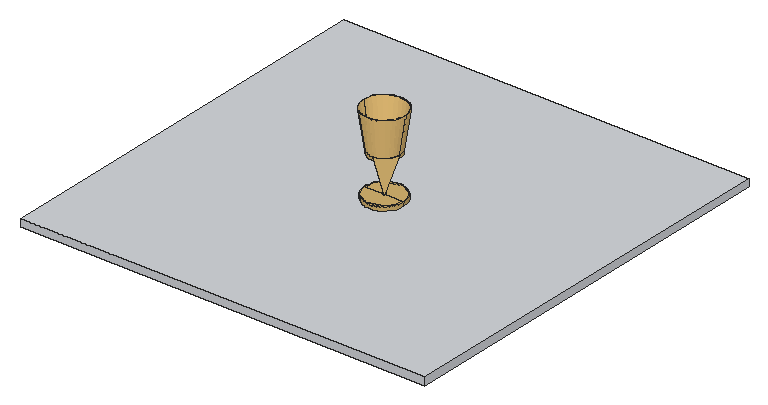
Revit family "P500313-175", category Lighting Fixtures, host Face, Revit 2014
Parameters (values of type "P500313-175")
  Watts = 75 W
  Wattage Comments = "75W"
  Wattage = 75 W
  Warranty = "1 year Warranty"  # constant formula
  built-in parameter 1150110 = 1 (stored number, unit not read)
  Voltage = 120 V
  URL = "https://www.hubbell.com/progresslighting/en"
  built-in parameter 1114217 = 1 (stored number, unit not read)
  Tilt Angle = 60.00°
  built-in parameter 1150109 = 1 (stored number, unit not read)
  built-in parameter 1150134 = 3
  built-in parameter 1150113 = 1 (stored number, unit not read)
  Support = Paint - Hubbell - Light Silver
  Product Link = "https://www.hubbell.com/progresslighting/en/Products/Lighting-Controls/Residential-Indoor-Lighting/Pendants/Pendants-Lights/Terrazzo-Collection-One-Light-Distressed-Brass-and-Sand-Terrazzo-Hanging-Pendant-Light/p/5143946"
  Product Documentation Link = "https://hubbellcdn.com/specsheet/PROG_P500313-175_spec.pdf"
  Power Factor = 1
  Photometric Web File = "generic"
  built-in parameter 1150142 = (empty or 0)
  Model = "P500313-175"  # constant formula
  Manufacturer = "Progress Lighting"  # constant formula
  built-in parameter 1150105 = 596.83 (stored number, unit not read)
  Lumens = 7500 lm
  built-in parameter 1150115 = 1 (stored number, unit not read)
  Load Classification = Lighting
  built-in parameter 1150137 = (empty or 0)
  built-in parameter 1150139 = (empty or 0)
  built-in parameter 1150112 = 1 (stored number, unit not read)
  built-in parameter 1150114 = 1 (stored number, unit not read)
  built-in parameter 1150132 = (empty or 0)
  built-in parameter 1150102 = (empty or 0)
  built-in parameter 1150107 = 3200 (stored number, unit not read)
  built-in parameter 1150138 = (empty or 0)
  built-in parameter 1150106 = 5.9683 (stored number, unit not read)
  Gold = Hubbell - Gold
  Glass = Paint - Hubbell - White Texture
  Lamp = "LED/CFL/incandescent"  # constant formula
  Housing Material = Hubbell Metal Brass
  Fixture distribution = "Direct"  # constant formula
  Features = "Application: Express an artistic sensibility with the Terrazzo Collection 1-Light Distressed Brass/Sandstone Concrete Terrazzo Global Hanging Pendant Light ideal for any foyer, dining room, kitchen, breakfast nook, entryway, living room, or stairway.\r\nStyles: Perfect for global, urban industrial, and transitional style settings.\r\nFinish: A polished sandstone concrete composite shade flecked with warm earthy hues offers a sophisticated contrast to its round distressed brass accent plate and stem suspension.\r\nMaterials: Constructed from steel to ensure a long product lifespan.\r\nGlass/Shades: The light fixture creates beautifully focused task lighting.\r\nBulbs: For ideal illumination, use 1 medium base bulb that is sold separately (75w max - LED/CFL/incandescent). Compatible with dimmable bulbs.\r\nDimensions: Measures 10-inch diameter by 9-3/8-inch height.\r\nCertifications: cULus damp location listed.\r\nPairs With: Pairs with the Hedgerow and Bonn collections from Progress Lighting.\r\nWarranty: Our 1-Year Limited Warranty guarantees your complete satisfaction with your purchase and includes professional after-sales customer service support."  # constant formula
  Fab = Fabric
  built-in parameter 1150104 = 9.2903 (stored number, unit not read)
  Dimming Lamp Color Temperature Shift = <None>
  Description = "Terrazzo Collection One-Light Distressed Brass and Sand Terrazzo Hanging Pendant Light"  # constant formula
  Default Elevation = 48.00"
  Copyright = " ©2020 Progress Lighting, a division of Hubbell Lighting, Inc"  # constant formula
  Contact = "https://www.hubbell.com/progresslighting/en/contactUs"
  Connector Description = "Lighting Connector"  # constant formula
  Color Filter = 16777215
  built-in parameter 1114218 = 1 (stored number, unit not read)
  built-in parameter 1150133 = 10 (stored number, unit not read)
  Assembly Code = "D5020200"
  Apparent Load = Watts / Power Factor  # 75 VA
Reference planes (in)
  plane 1 "Center (Front/Back)": y = 0
  plane 2: z = 0.5561
  plane 3 "Center (Left/Right)": x = 0
  plane 4: y = -4.25
  plane 5: y = 4.25
  plane 6: x = 5
  plane 7: x = -5
  plane 8: z = 10.50759
Forms (in)
  Extrusion 1, solid
    sketch origin (0, 0, 0) x (1, 0, 0) y (0, 1, 0)
      loop
        line (-48, 48) -> (-48, -48) -> (48, -48) -> (48, 48) -> (-48, 48)
    from 0.5561 to -1.25
  Revolve 2, solid, material "Hubbell Metal Brass" <- "Housing Material"
    sketch origin (0.00307, -0.00024, -2.52627) x (-1, 0, 0) y (0, 0, -1)
      loop
        line (0.00307, -13.72495) -> (3.68396, -13.72495) -> (3.68396, -12.96128) -> (0.25716, -12.96128) -> (0.25716, -11.77378) -> (0.10307, -11.77378) -> (0.10307, -4.30283) -> (0.18961, -4.30283) -> (0.18961, -4.071) -> (0.04057, -4.071) -> (0.00307, -4.071) -> (0.00307, -13.72495)
      axis (0, -13.72495) -> (0, -4.071)
    angle from 0 to 360
  Revolve 3, solid, material "Paint - Hubbell - White Texture" <- "Glass"
    sketch origin (0, 10.17596, 10.29436) x (0, 0, 1) y (0, -1, 0)
      loop
        line (1.05661, 10.15704) -> (4.66785, 10.15704)
        arc (4.66785, 10.15704) -> (4.51882, 10.549) -> (4.25829, 10.87758) r 1.37118
        arc (4.25829, 10.87758) -> (3.19047, 11.36963) -> (2.03781, 11.13785) r 1.89679
        arc (2.03781, 11.13785) -> (1.6081, 10.86966) -> (1.20387, 10.5644) r 5.70452
        arc (1.20387, 10.5644) -> (1.09526, 10.42437) -> (1.05661, 10.25143) r 0.40621
        line (1.05661, 10.25143) -> (1.05661, 10.15704)
      axis (1.05661, 10.15704) -> (4.66785, 10.15704)
    angle from 0 to 360
  Revolve 4, solid, material "Paint - Hubbell - White Texture" <- "Glass"
    sketch origin (0.02724, 0.00175, 3.82318) x (-1, 0, 0) y (0, 0, -1)
      loop
        line (0, -7.43773) -> (-0.14062, -7.43773) -> (-0.14062, -7.68773) -> (-0.3174, -7.86451) -> (-0.3174, -8.11451) -> (-0.0674, -8.11451) -> (-0.0674, -10.36451) -> (-0.0674, -10.55091)
        arc (-0.0674, -10.55091) -> (-0.07712, -10.57767) -> (-0.10174, -10.59197) r 0.04171
        arc (-0.10174, -10.59197) -> (-0.13207, -10.62395) -> (-0.11058, -10.66244) r 0.0372
        line (-0.11058, -10.66244) -> (0, -10.66244) -> (0, -10.56087) -> (0, -7.43773)
      axis (0, -7.43773) -> (0, -10.66244)
    angle from 0 to 360
  Revolve 5, solid, material "Hubbell - Gold" <- "Gold"
    sketch origin (0.02724, 0.00175, 3.82318) x (-1, 0, 0) y (0, 0, -1)
      loop
        line (-0.47346, -8.28115) -> (-0.51834, -8.28115) -> (-0.66329, -10.35395) -> (-0.61841, -10.35395) -> (-0.47346, -8.28115)
      axis (-0.61862, -10.35707) -> (-0.47346, -8.28115)
    angle from 0 to 360
  Revolve 6, solid, material "Hubbell - Gold" <- "Gold"
    sketch origin (0.02724, 0.00175, 3.82318) x (1, 0, 0) y (0, 0, 1)
      loop
        line (-0.47346, 8.28115) -> (-0.62235, 10.41041) -> (-0.66723, 10.41041) -> (-0.51834, 8.28115) -> (-0.47346, 8.28115)
      axis (-0.62257, 10.41353) -> (-0.47346, 8.28115)
    angle from 0 to 360
  Revolve 7, solid, material "Hubbell - Gold" <- "Gold"
    sketch origin (0.02724, -1.99825, 3.82318) x (0, 1, 0) y (0, 0, -1)
      loop
        line (1.52654, -8.28115) -> (1.48166, -8.28115) -> (1.33478, -10.38161) -> (1.37966, -10.38161) -> (1.52654, -8.28115)
      axis (1.37944, -10.38473) -> (1.52654, -8.28115)
    angle from 0 to 360
  Revolve 8, solid, material "Hubbell - Gold" <- "Gold"
    sketch origin (0.02724, -1.99825, 3.82318) x (0, -1, 0) y (0, 0, 1)
      loop
        line (-2.47346, 8.28115) -> (-2.62117, 10.39346) -> (-2.66605, 10.39346) -> (-2.51834, 8.28115) -> (-2.47346, 8.28115)
      axis (-2.62139, 10.39659) -> (-2.47346, 8.28115)
    angle from 0 to 360
  Sweep 9, solid, material "Paint - Hubbell - White Texture" <- "Glass"
    path origin (0.01067, 0.00175, 3.32318) x (-1, 0, 0) y (0, 0, -1)
      loop
        line (0.61067, -10.88516) -> (0.61067, -10.98257)
        arc (0.61067, -10.98257) -> (0.57513, -11.06837) -> (0.48933, -11.10391) r 0.12134
        line (0.48933, -11.10391) -> (0.04812, -11.10391)
    profile origin (-0.6, 0.00175, 14.25705) x (-1, 0, 0) y (0, -1, 0)
      loop
        circle (0, 0.00095) r 0.031
  Sweep 10, solid, material "Paint - Hubbell - White Texture" <- "Glass"
    path origin (0.04381, 0.00175, 3.32318) x (1, 0, 0) y (0, 0, 1)
      loop
        line (0.61067, 10.88516) -> (0.61067, 10.98257)
        arc (0.61067, 10.98257) -> (0.57513, 11.06837) -> (0.48933, 11.10391) r 0.12134
        line (0.48933, 11.10391) -> (0.04812, 11.10391)
    profile origin (0.65448, 0.00175, 14.25705) x (-1, 0, 0) y (0, -1, 0)
      loop
        circle (0, 0.00095) r 0.031
  Sweep 11, solid, material "Paint - Hubbell - White Texture" <- "Glass"
    path origin (0.02629, -2.01577, 3.32318) x (0, -1, 0) y (0, 0, -1)
      loop
        line (-1.38933, -10.88516) -> (-1.38933, -10.98257)
        arc (-1.38933, -10.98257) -> (-1.42487, -11.06837) -> (-1.51067, -11.10391) r 0.12134
        line (-1.51067, -11.10391) -> (-1.95188, -11.10391)
    profile origin (0.02629, -0.62644, 14.25705) x (0, -1, 0) y (1, 0, 0)
      loop
        circle (0, 0.00095) r 0.031
  Sweep 12, solid, material "Paint - Hubbell - White Texture" <- "Glass"
    path origin (0.02629, -1.98262, 3.32318) x (0, 1, 0) y (0, 0, 1)
      loop
        line (2.61067, 10.88516) -> (2.61067, 10.98257)
        arc (2.61067, 10.98257) -> (2.57513, 11.06837) -> (2.48933, 11.10391) r 0.12134
        line (2.48933, 11.10391) -> (2.04812, 11.10391)
    profile origin (0.02629, 0.62805, 14.25705) x (0, -1, 0) y (1, 0, 0)
      loop
        circle (0, 0.00095) r 0.031
  Sweep 13, solid, material "Paint - Hubbell - White Texture" <- "Glass"
    path origin (0.01067, 0.00175, 23.05744) x (-1, 0, 0) y (0, 0, -1)
      loop
        line (0.45442, 10.88516) -> (0.45442, 10.98257)
        arc (0.45442, 10.98257) -> (0.41888, 11.06837) -> (0.33308, 11.10391) r 0.12134
        line (0.33308, 11.10391) -> (0.04812, 11.10391)
    profile origin (-0.44375, 0.00175, 12.12357) x (0, -1, 0) y (1, 0, 0)
      loop
        circle (0.00095, 0) r 0.031
  Sweep 14, solid, material "Paint - Hubbell - White Texture" <- "Glass"
    path origin (0.04381, 0.00175, 23.05744) x (1, 0, 0) y (0, 0, 1)
      loop
        line (0.45442, -10.88516) -> (0.45442, -10.98257)
        arc (0.45442, -10.98257) -> (0.41888, -11.06837) -> (0.33308, -11.10391) r 0.12134
        line (0.33308, -11.10391) -> (0.04812, -11.10391)
    profile origin (0.49823, 0.00175, 12.12357) x (0, -1, 0) y (1, 0, 0)
      loop
        circle (0.00095, 0) r 0.031
  Sweep 15, solid, material "Paint - Hubbell - White Texture" <- "Glass"
    path origin (0.02629, -2.01577, 23.05744) x (0, -1, 0) y (0, 0, -1)
      loop
        line (-1.54558, 10.88516) -> (-1.54558, 10.98257)
        arc (-1.54558, 10.98257) -> (-1.58112, 11.06837) -> (-1.66692, 11.10391) r 0.12134
        line (-1.66692, 11.10391) -> (-1.95188, 11.10391)
    profile origin (0.02629, -0.47019, 12.12357) x (1, 0, 0) y (0, 1, 0)
      loop
        circle (0.00095, 0) r 0.031
  Sweep 16, solid, material "Paint - Hubbell - White Texture" <- "Glass"
    path origin (0.02629, -1.98262, 23.05744) x (0, 1, 0) y (0, 0, 1)
      loop
        line (2.45442, -10.88516) -> (2.45442, -10.98257)
        arc (2.45442, -10.98257) -> (2.41888, -11.06837) -> (2.33308, -11.10391) r 0.12134
        line (2.33308, -11.10391) -> (2.04812, -11.10391)
    profile origin (0.02629, 0.4718, 12.12357) x (1, 0, 0) y (0, 1, 0)
      loop
        circle (0.00095, 0) r 0.031
  Revolve 17, solid, material "Hubbell Metal Brass" <- "Housing Material"
    sketch origin (0, 0, 0) x (1, 0, 0) y (0, 0, 1)
      loop
        line (0, 0.5561) -> (4.65135, 0.5561) -> (4.65135, 1.4714)
        arc (4.65135, 1.4714) -> (4.62654, 1.53129) -> (4.56665, 1.5561) r 0.0847
        line (4.56665, 1.5561) -> (0, 1.5561) -> (0, 0.5561)
      axis (0, 1.5561) -> (0, 0.5561)
    angle from 0 to 360
  Revolve 18, solid, material "Fabric" <- "Fab"
    sketch origin (0, 0, 0) x (1, 0, 0) y (0, 0, 1)
      loop
        line (4.94548, 19.88759) -> (3.65474, 11.19868) -> (3.70529, 11.19868) -> (4.99603, 19.88759) -> (4.94548, 19.88759)
      axis (0, 19.88759) -> (0, 11.19868)
    angle from 0 to 360
Dimensions and locks (in)
  equal spacing: plane 4, plane 1 "Center (Front/Back)", plane 5
  plane 4 to plane 5 = 8.50"
  plane 5 to plane 4 = 8.50"
  plane 6 to plane 7 = 10.00"
  equal spacing: plane 6, plane 3 "Center (Left/Right)", plane 7
  aligned and locked: plane 2 to Extrusion 1
Automatic sketch dimensions
  Extrusion 1 sketch curve to Extrusion 1 sketch curve = 96.00"  (x2)
  Revolve 3 sketch curve to plane 1 "Center (Front/Back)" = 0.01893"  (x2)
  plane 2 to Revolve 3 sketch curve = 10.79486"
  plane 1 "Center (Front/Back)" to Revolve 3 sketch curve = 0.07547"
  Revolve 3 sketch curve to Revolve 3 sketch curve = 0.40621"
  Revolve 3 sketch curve to plane 1 "Center (Front/Back)" = 0.69023"
  Revolve 3 sketch curve to Revolve 3 sketch curve = 1.50684"
  Revolve 3 sketch curve to plane 1 "Center (Front/Back)" = 0.30453"
  Revolve 3 sketch curve to Revolve 3 sketch curve = 0.35709"
  Revolve 3 sketch curve to Revolve 3 sketch curve = 1.3411"
  plane 5 to Revolve 3 sketch curve = 0.24323"
  Revolve 3 sketch curve to Revolve 3 sketch curve = 1.87065"
  Revolve 3 sketch curve to Revolve 3 sketch curve = 0.50"
  Revolve 3 sketch curve to Revolve 3 sketch curve = 0.00"  (x2)
  Revolve 3 sketch curve to Revolve 3 sketch curve = 0.14382"
  plane 3 "Center (Left/Right)" to Revolve 4 sketch curve = 0.34464"
  plane 3 "Center (Left/Right)" to Revolve 4 sketch curve = 0.16787"
  plane 3 "Center (Left/Right)" to Revolve 4 sketch curve = 0.13782"
  Revolve 4 sketch curve to Revolve 4 sketch curve = 0.00146"
  Revolve 4 sketch curve to Revolve 4 sketch curve = 0.01542"
  plane 3 "Center (Left/Right)" to Revolve 4 sketch curve = 0.09464"
  plane 3 "Center (Left/Right)" to Revolve 4 sketch curve = 0.02724"  (x2)
  plane 2 to Revolve 4 sketch curve = 13.92952"
  Revolve 4 sketch curve to Revolve 4 sketch curve = 0.03385"
  Revolve 4 sketch curve to Revolve 4 sketch curve = 0.10157"
  Revolve 4 sketch curve to Revolve 4 sketch curve = 0.00996"
  Revolve 4 sketch curve to Revolve 4 sketch curve = 0.1864"
  Revolve 4 sketch curve to Revolve 4 sketch curve = 2.25"
  Revolve 4 sketch curve to Revolve 4 sketch curve = 0.25"  (x2)
  Revolve 4 sketch curve to Revolve 4 sketch curve = 0.17678"
  Revolve 4 sketch curve to Revolve 4 sketch curve = 5.5253"
  Revolve 4 sketch curve to Revolve 4 sketch curve = 0.00"
  plane 3 "Center (Left/Right)" to Revolve 5 sketch curve = 0.69053"
  Revolve 5 sketch curve to Revolve 5 sketch curve = 0.04488"  (x2)
  plane 3 "Center (Left/Right)" to Revolve 5 sketch curve = 0.54558"
  plane 2 to Revolve 5 sketch curve = 13.62103"
  Revolve 5 sketch curve to Revolve 5 sketch curve = 2.0728"
  Revolve 5 sketch curve to Revolve 5 sketch curve = 0.00817"
  Revolve 5 sketch curve to Revolve 5 sketch curve = 0.00483"
  Revolve 5 sketch curve to Revolve 5 sketch curve = 0.52497"
  Revolve 5 sketch curve to Revolve 5 sketch curve = 0.06901"
  Revolve 6 sketch curve to plane 3 "Center (Left/Right)" = 0.63999"
  Revolve 6 sketch curve to Revolve 6 sketch curve = 0.04488"  (x2)
  Revolve 6 sketch curve to plane 3 "Center (Left/Right)" = 0.4911"
  plane 2 to Revolve 6 sketch curve = 11.54823"
  Revolve 6 sketch curve to Revolve 6 sketch curve = 2.12926"
  Revolve 6 sketch curve to Revolve 6 sketch curve = 0.01212"
  Revolve 6 sketch curve to Revolve 6 sketch curve = 0.00483"
  Revolve 6 sketch curve to Revolve 6 sketch curve = 0.06901"
  Revolve 6 sketch curve to Revolve 6 sketch curve = 0.46851"
  plane 1 "Center (Front/Back)" to Revolve 7 sketch curve = 0.66347"
  Revolve 7 sketch curve to Revolve 7 sketch curve = 0.04488"  (x2)
  plane 1 "Center (Front/Back)" to Revolve 7 sketch curve = 0.51659"
  plane 2 to Revolve 7 sketch curve = 13.64869"
  Revolve 7 sketch curve to Revolve 7 sketch curve = 2.10046"
  Revolve 7 sketch curve to Revolve 7 sketch curve = 0.01011"
  Revolve 7 sketch curve to Revolve 7 sketch curve = 0.00483"
  Revolve 7 sketch curve to Revolve 7 sketch curve = 0.49731"
  Revolve 7 sketch curve to Revolve 7 sketch curve = 0.06901"
  Revolve 8 sketch curve to plane 1 "Center (Front/Back)" = 0.6678"
  Revolve 8 sketch curve to Revolve 8 sketch curve = 0.04488"  (x2)
  Revolve 8 sketch curve to plane 1 "Center (Front/Back)" = 0.5201"
  plane 2 to Revolve 8 sketch curve = 11.54823"
  Revolve 8 sketch curve to Revolve 8 sketch curve = 2.11231"
  Revolve 8 sketch curve to Revolve 8 sketch curve = 0.01094"
  Revolve 8 sketch curve to Revolve 8 sketch curve = 0.00483"
  Revolve 8 sketch curve to Revolve 8 sketch curve = 0.06901"
  Revolve 8 sketch curve to Revolve 8 sketch curve = 0.48545"
  Sweep 9 sketch curve to plane 3 "Center (Left/Right)" = 0.47866"
  Sweep 9 sketch curve to Sweep 9 sketch curve = 0.12134"
  plane 2 to Sweep 9 sketch curve = 13.87099"
  Sweep 9 sketch curve to plane 3 "Center (Left/Right)" = 0.03745"
  Sweep 9 sketch curve to Sweep 9 sketch curve = 0.09741"
  Sweep 9 sketch curve to profile plane = 0.00"
  profile plane to Sweep 9 sketch curve = 0.00095"
  plane 3 "Center (Left/Right)" to Sweep 10 sketch curve = 0.53314"
  Sweep 10 sketch curve to Sweep 10 sketch curve = 0.12134"
  plane 2 to Sweep 10 sketch curve = 13.74965"
  plane 3 "Center (Left/Right)" to Sweep 10 sketch curve = 0.09194"
  Sweep 10 sketch curve to Sweep 10 sketch curve = 0.09741"
  Sweep 10 sketch curve to profile plane = 0.00"
  profile plane to Sweep 10 sketch curve = 0.00095"
  plane 1 "Center (Front/Back)" to Sweep 11 sketch curve = 0.50509"
  Sweep 11 sketch curve to Sweep 11 sketch curve = 0.12134"
  plane 2 to Sweep 11 sketch curve = 13.87099"
  plane 1 "Center (Front/Back)" to Sweep 11 sketch curve = 0.06389"
  Sweep 11 sketch curve to Sweep 11 sketch curve = 0.09741"
  Sweep 11 sketch curve to profile plane = 0.00"
  profile plane to Sweep 11 sketch curve = 0.00095"
  Sweep 12 sketch curve to plane 1 "Center (Front/Back)" = 0.5067"
  Sweep 12 sketch curve to Sweep 12 sketch curve = 0.12134"
  plane 2 to Sweep 12 sketch curve = 13.74965"
  Sweep 12 sketch curve to plane 1 "Center (Front/Back)" = 0.0655"
  Sweep 12 sketch curve to Sweep 12 sketch curve = 0.09741"
  Sweep 12 sketch curve to profile plane = 0.00"
  profile plane to Sweep 12 sketch curve = 0.00095"
  Sweep 13 sketch curve to plane 3 "Center (Left/Right)" = 0.32241"
  Sweep 13 sketch curve to Sweep 13 sketch curve = 0.12134"
  plane 2 to Sweep 13 sketch curve = 11.51877"
  Sweep 13 sketch curve to plane 3 "Center (Left/Right)" = 0.03745"
  Sweep 13 sketch curve to Sweep 13 sketch curve = 0.09741"
  Sweep 13 sketch curve to profile plane = 0.00"
  profile plane to Sweep 13 sketch curve = 0.00095"
  plane 3 "Center (Left/Right)" to Sweep 14 sketch curve = 0.37689"
  Sweep 14 sketch curve to Sweep 14 sketch curve = 0.12134"
  plane 2 to Sweep 14 sketch curve = 11.39742"
  plane 3 "Center (Left/Right)" to Sweep 14 sketch curve = 0.09194"
  Sweep 14 sketch curve to Sweep 14 sketch curve = 0.09741"
  Sweep 14 sketch curve to profile plane = 0.00"
  profile plane to Sweep 14 sketch curve = 0.00095"
  plane 1 "Center (Front/Back)" to Sweep 15 sketch curve = 0.34884"
  Sweep 15 sketch curve to Sweep 15 sketch curve = 0.12134"
  plane 2 to Sweep 15 sketch curve = 11.51877"
  plane 1 "Center (Front/Back)" to Sweep 15 sketch curve = 0.06389"
  Sweep 15 sketch curve to Sweep 15 sketch curve = 0.09741"
  profile plane to Sweep 15 sketch curve = 0.00"
  profile plane to Sweep 15 sketch curve = 0.00095"
  Sweep 16 sketch curve to plane 1 "Center (Front/Back)" = 0.35045"
  Sweep 16 sketch curve to Sweep 16 sketch curve = 0.12134"
  plane 2 to Sweep 16 sketch curve = 11.39742"
  Sweep 16 sketch curve to plane 1 "Center (Front/Back)" = 0.0655"
  Sweep 16 sketch curve to Sweep 16 sketch curve = 0.09741"
  profile plane to Sweep 16 sketch curve = 0.00"
  profile plane to Sweep 16 sketch curve = 0.00095"
  Revolve 17 sketch curve to plane 3 "Center (Left/Right)" = 0.00"  (x2)
  Revolve 17 sketch curve to plane 2 = 0.00"
  Revolve 17 sketch curve to plane 6 = 0.43335"
  Revolve 17 sketch curve to level = 24.00"
  Revolve 17 sketch curve to Revolve 17 sketch curve = 26.08807"
  Revolve 18 sketch curve to plane 3 "Center (Left/Right)" = 0.00"
  Revolve 18 sketch curve to plane 6 = 0.05452"
  Revolve 18 sketch curve to plane 6 = 0.00397"
  plane 2 to Revolve 18 sketch curve = 19.33149"
  Revolve 18 sketch curve to plane 6 = 1.34526"
  Revolve 18 sketch curve to Revolve 18 sketch curve = 0.05055"
  Revolve 18 sketch curve to level = 24.00"
  Revolve 18 sketch curve to Revolve 18 sketch curve = 7.77993"
  Revolve 18 sketch curve to Revolve 18 sketch curve = 8.68891"
  Revolve 2 sketch curve to plane 3 "Center (Left/Right)" = 0.00"
  Revolve 2 sketch curve to plane 3 "Center (Left/Right)" = 0.0375"
  Revolve 2 sketch curve to plane 3 "Center (Left/Right)" = 0.10"
  Revolve 2 sketch curve to Revolve 2 sketch curve = 0.08654"
  plane 8 to Revolve 2 sketch curve = 0.07258"
  Revolve 2 sketch curve to plane 3 "Center (Left/Right)" = 0.25409"
  plane 7 to Revolve 2 sketch curve = 1.31911"
  Revolve 2 sketch curve to Revolve 2 sketch curve = 1.1875"
  plane 2 to Revolve 2 sketch curve = 1.22045"
  Revolve 2 sketch curve to Revolve 2 sketch curve = 0.23183"
  plane 3 "Center (Left/Right)" to Revolve 2 sketch curve = 0.00307"
  Revolve 2 sketch curve to plane 8 = 0.69109"
  Revolve 2 sketch curve to Revolve 2 sketch curve = 13.91922"
  Revolve 2 sketch curve to Revolve 2 sketch curve = 0.48682"
  Revolve 17 sketch curve to plane 6 = 0.34865"
  plane 2 to Revolve 17 sketch curve = 0.9153"
  radius of Sweep 9 sketch curve = 0.031"
  radius of Sweep 10 sketch curve = 0.031"
  radius of Sweep 11 sketch curve = 0.031"
  radius of Sweep 12 sketch curve = 0.031"
  radius of Sweep 13 sketch curve = 0.031"
  radius of Sweep 14 sketch curve = 0.031"
  radius of Sweep 15 sketch curve = 0.031"
  radius of Sweep 16 sketch curve = 0.031"
Connectors (in)
  electrical at (0, 0, 0.5561), driven by "Connector Description", driven by "Power Factor", driven by "Apparent Load", driven by "Voltage", driven by "Load Classification"
    settings: on Revolve 17, index 1, voltage 120 V, apparent load 75 VA, apparent load phase1 0 VA, apparent load phase2 0 VA, apparent load phase3 0 VA, power factor 1, load classification "Lighting", number of poles 1, system type 30, power factor state 1, is connector primary yes, connector utility no, sub classification motor no, connector description "Lighting Connector"
